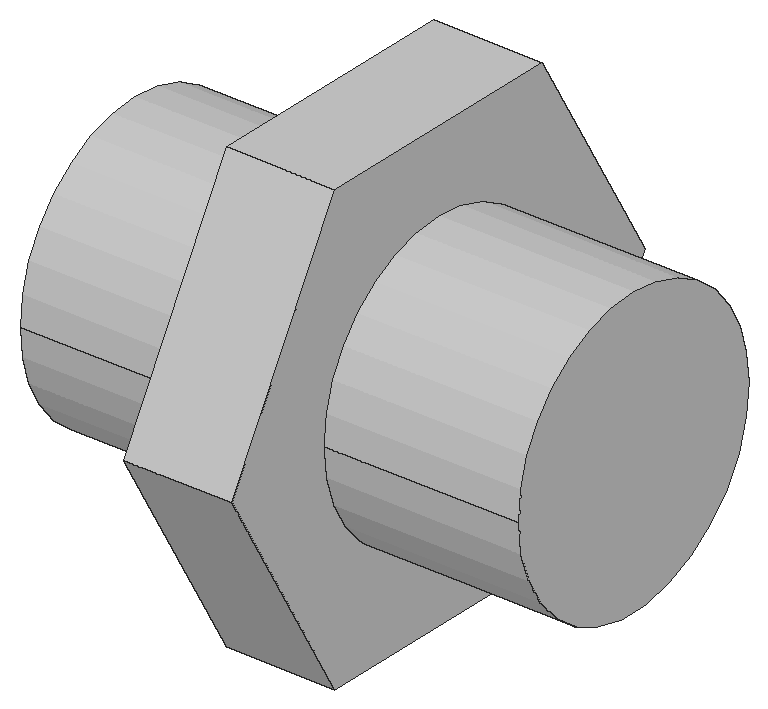
Revit family "PF_Переход [Фитинг из нержавеющей стали - ниппель переходгой VTi.580.I] - VALTEC", category Соединительные детали трубопроводов, Revit 2018
Family settings
  Размер круглого соединителя = Использовать диаметр
  Тип детали = Переход
  На основе рабочей плоскости = Нет
  Всегда вертикально = Да
  При загрузке вырезать с полостями = Нет
  Общий = Нет
Parameters (values of type "VTi.580.I")
  Таблица = "PF_Переход [Фитинг из нержавеющей стали - ниппель переходгой VTi.580.I] - VALTEC - Таблица 1"  # constant formula
  Направление потока [instance] = A : A
  КМС [instance] = size_lookup(Таблица, "КМС", 0, k1, k2, n)  # 3.14
  Изготовитель = "VALTEC"  # constant formula
  n [instance] = if(Направление потока = BB, 1 mm, 0 mm)  # 0 mm
  k2 [instance] = 20 mm
  k1 [instance] = 15 mm
  d2 [instance] = size_lookup(Таблица, "d1", 0 mm, k1, k2)  # 15 mm
  d1 [instance] = size_lookup(Таблица, "d1", 0 mm, k1, k2)  # 15 mm
  URL = "https://valtec.ru/"
  S [instance] = 27 mm  # constant formula
  G2 [instance] = size_lookup(Таблица, "G2", 0 mm, k1, k2)  # 20 mm
  G1 [instance] = size_lookup(Таблица, "G1", 0 mm, k1, k2)  # 15 mm
  BB = B : B
  ADSK_Расход жидкости [instance] = 0.0 L/s
  ADSK_Примечание [instance] = ""
  ADSK_Позиция [instance] = ""
  ADSK_Обозначение [instance] = "VTi.580.I"  # constant formula
  ADSK_Наименование [instance] = size_lookup(Таблица, "", "Данный типоразмер отсутствует", G1)  # "Фитинг из нержавеющей стали - ниппель переходгой, 3/4\" х 1/2\""
  ADSK_Материал = Сталь, нержавеющая - VALTEC
  ADSK_Масса [instance] = 0.062  # constant formula
  ADSK_Марка [instance] = "VTi.580.I.0504"  # constant formula
  ADSK_Код изделия [instance] = "VTi.580.I.0504"  # constant formula
  ADSK_Завод-изготовитель [instance] = Изготовитель  # "VALTEC"
  ADSK_Единица измерения [instance] = "шт."  # constant formula
  ADSK_URL страницы изделия = "https://valtec.ru/catalog/sistemy_truboprovodov_iz_nerzhavejushhej_stali/fitingi_iz_nerzhavejushhej_stali/fiting_iz_nerjaveyushej_stali_nippel_vti582i.html"
  ADSK_URL документации изделия = "https://valtec.ru/document/technical/VT.INOX-PRESS-0117.pdf"
  AA = A : A
  A [instance] = 26 mm  # constant formula
  2g [instance] = if(k1 < k2, k2, 0.2 mm)  # 20 mm
  1g [instance] = if(k1 < k2, 0.2 mm, k1)  # 0.2 mm
  1a [instance] = (A * 21.7) / 100  # 5.642 mm
Reference planes
  plane 1 "По центру (Вперед/Назад)": y = 0
  plane 2: z = 0
  plane 3 "По центру (Влево/Вправо)": x = 0
  plane 4: x = -13
  plane 5: x = 13
  plane 6: x = -2.821
  plane 7: x = 2.821
  plane 8: y = 7.5
  plane 9: y = -7.5
  plane 10: y = 13.5
  plane 11: y = -13.5
  plane 12: y = 0.1
  plane 13: y = -0.1
  plane 14: y = 10
  plane 15: y = -10
Forms (mm)
  Extrusion 1, solid, material "Сталь, нержавеющая - VALTEC" <- "ADSK_Материал", detail levels fine
    sketch origin (0, 0, 0) x (0, 1, 0) y (0, 0, 1)
      loop
        circle (0, 0) r 7.5
    from -13 to -2.821
  Extrusion 2, solid, material "Сталь, нержавеющая - VALTEC" <- "ADSK_Материал", detail levels fine
    sketch origin (0, 0, 0) x (0, 1, 0) y (0, 0, 1)
      loop
        line (-13.5, 0) -> (-6.75, -11.691) -> (6.75, -11.691) -> (13.5, 0) -> (6.75, 11.691) -> (-6.75, 11.691) -> (-13.5, 0)
    from -2.821 to 2.821
  Extrusion 3, solid, material "Сталь, нержавеющая - VALTEC" <- "ADSK_Материал", detail levels fine
    sketch origin (0, 0, 0) x (0, 1, 0) y (0, 0, 1)
      loop
        circle (0, 0) r 7.5
    from 2.821 to 13
Cuts and joins
  joined: Extrusion 1, Extrusion 2, Extrusion 3
Lines and regions (mm)
  model lines, detail levels coarse+medium
    curve 1: line (13, 10, 0) -> (13, -10, 0)
    curve 2: line (-13, 0.1, 0) -> (-13, -0.1, 0)
    curve 3: line (-13, -0.1, 0) -> (13, -10, 0)
    curve 4: line (-13, 0.1, 0) -> (13, 10, 0)
Dimensions and locks
  equal spacing: plane 6, plane 3 "По центру (Влево/Вправо)", plane 7
  "1a": plane 6 to plane 7
  equal spacing: plane 4, plane 3 "По центру (Влево/Вправо)", plane 5
  "A": plane 4 to plane 5
  equal spacing: plane 9, plane 1 "По центру (Вперед/Назад)", plane 8
  "G1": plane 9 to plane 8
  equal spacing: plane 11, plane 1 "По центру (Вперед/Назад)", plane 10
  "S": plane 11 to plane 10
  equal spacing: plane 12, plane 1 "По центру (Вперед/Назад)", plane 13
  "1g": plane 12 to plane 13
  equal spacing: plane 14, plane 1 "По центру (Вперед/Назад)", plane 15
  "2g": plane 14 to plane 15
  "d1": diameter of Extrusion 1 sketch curve
  "d2": diameter of Extrusion 3 sketch curve
  aligned and locked: level to plane 2
  aligned and locked: level to Extrusion 1 sketch curve
  aligned and locked: plane 1 "По центру (Вперед/Назад)" to Extrusion 1 sketch curve
  aligned and locked: Extrusion 2 to plane 6
  aligned and locked: Extrusion 2 to plane 7
  aligned and locked: Extrusion 1 to plane 4
  aligned and locked: plane 6 to Extrusion 1
  aligned and locked: level to Extrusion 3 sketch curve
  aligned and locked: plane 1 "По центру (Вперед/Назад)" to Extrusion 3 sketch curve
  aligned and locked: plane 7 to Extrusion 3
  aligned and locked: Extrusion 3 to plane 5
  aligned and locked: plane 14 to curve 4
  aligned and locked: plane 5 to curve 4
  aligned and locked: plane 15 to curve 3
  aligned and locked: plane 5 to curve 3
  aligned and locked: plane 4 to curve 3
  aligned and locked: plane 13 to curve 3
  aligned and locked: plane 12 to curve 2
  aligned and locked: curve 2 to plane 4
Connectors
  piping at (-2.821, 0, 0), diameter 15, driven by "k1", driven by "КМС", driven by "ADSK_Расход жидкости"
    settings: on cut or joined group of Extrusion 1, Extrusion 2, Extrusion 3, index 1, connector inside diameter 609.6 mm, connector length 0 mm, flow factor 0, pipe flow 0.0 L/s, pressure drop 0.0 Pa, fitting loss kfactor 3.14, connector angle 0.00°, fixture units 0, engagement length 0 mm, angle of deflection 0.00°, flow configuration 0, flow direction 0, fitting loss method 2, system type 29, joint type 0, gender type 0, connector reference index 2, connector utility 0, adjustable connector yes, is connector primary yes, connector description ""
  piping at (2.821, 0, 0), diameter 20, driven by "k2"
    settings: on cut or joined group of Extrusion 1, Extrusion 2, Extrusion 3, index 2, connector inside diameter 609.6 mm, connector length 0 mm, flow factor 0, pipe flow 0.0 L/s, pressure drop 0.0 Pa, fitting loss kfactor 0, connector angle 0.00°, fixture units 0, engagement length 0 mm, angle of deflection 0.00°, flow configuration 0, flow direction 0, fitting loss method 0, system type 28, joint type 0, gender type 0, connector reference index 1, connector utility 0, adjustable connector no, is connector primary no, connector description ""
